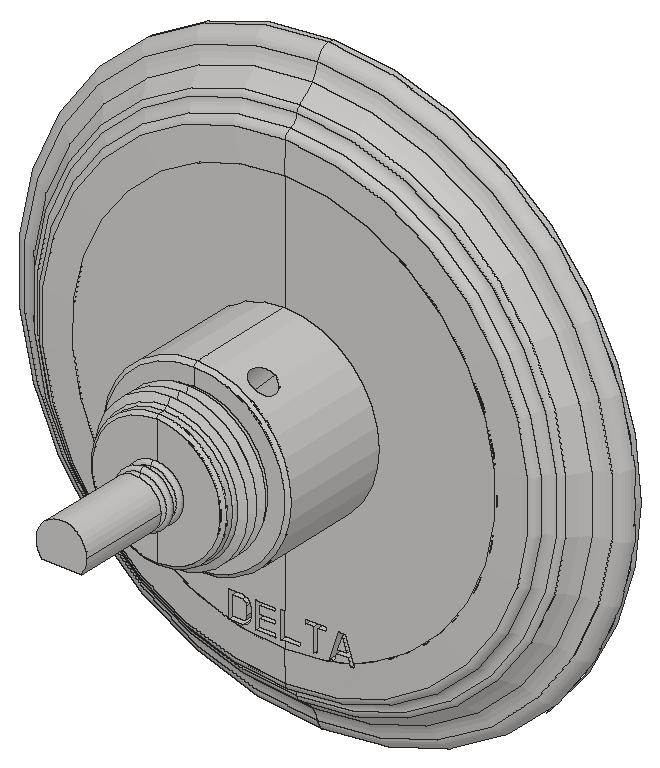
Revit family "Delta Bath Cassidy fgt11997-lhp", category Plumbing Fixtures, host Wall, Revit 2013
Parameters (values of type "Delta Bath Cassidy fgt11997-lhp")
  URL = "http://www.deltafaucet.com "
  Tap = Stainless Steel
  Model = "fgt11997-lhp"
  Manufacturer = "Delta"
  Depth = 0' - 3.97"
Reference planes (in)
  plane 1: y = 0
  plane 2 "Center (Left/Right)": x = 0
  plane 3 "Wall Edge": y = 3
  plane 4: y = -3
Forms (in)
  Revolve 1, solid, material "Stainless Steel" <- "Tap", not visible
    sketch origin (0, 1.623, -44.06116) x (0, 1, 0) y (0, 0, 1)
      loop
        arc (-3.893, 67.90598) -> (-3.90075, 67.92179) -> (-3.918, 67.92535) r 0.02
        arc (-3.918, 67.92535) -> (-3.93525, 67.92179) -> (-3.943, 67.90598) r 0.02
        line (-3.943, 67.90598) -> (-3.943, 67.87519)
        arc (-3.943, 67.87519) -> (-3.95341, 67.85712) -> (-3.973, 67.84998) r 0.03046
        line (-3.973, 67.84998) -> (-4.023, 67.84998)
        arc (-4.023, 67.84998) -> (-4.04259, 67.85712) -> (-4.053, 67.87519) r 0.03046
        line (-4.053, 67.87519) -> (-4.053, 67.90598)
        arc (-4.053, 67.90598) -> (-4.06075, 67.92179) -> (-4.078, 67.92535) r 0.02
        arc (-4.078, 67.92535) -> (-4.09525, 67.92179) -> (-4.103, 67.90598) r 0.02
        line (-4.103, 67.90598) -> (-4.103, 67.87519)
        arc (-4.103, 67.87519) -> (-4.11341, 67.85712) -> (-4.133, 67.84998) r 0.03046
        line (-4.133, 67.84998) -> (-4.183, 67.84998)
        arc (-4.183, 67.84998) -> (-4.20421, 67.85877) -> (-4.213, 67.87998) r 0.03
        line (-4.213, 67.87998) -> (-4.213, 67.92598) -> (-4.313, 67.92598)
        arc (-4.313, 67.92598) -> (-4.33421, 67.93477) -> (-4.343, 67.95598) r 0.03
        line (-4.343, 67.95598) -> (-4.343, 68.01798) -> (-4.423, 68.01798)
        arc (-4.423, 68.01798) -> (-4.43714, 68.01212) -> (-4.443, 67.99798) r 0.02
        line (-4.443, 67.99798) -> (-4.443, 67.77798)
        arc (-4.443, 67.77798) -> (-4.47229, 67.70727) -> (-4.543, 67.67798) r 0.1
        line (-4.543, 67.67798) -> (-4.623, 67.67798) -> (-4.623, 67.05798) -> (-3.893, 67.05798) -> (-3.893, 67.90598)
      axis (-4.623, 67.05798) -> (-3.893, 67.05798)
    angle from 0 to 360
  Revolve 2, solid, material "Stainless Steel" <- "Tap", not visible
    sketch origin (0, 1.623, -44.06116) x (0, 1, 0) y (0, 0, 1)
      loop
        line (-4.623, 67.05845) -> (-4.623, 69.33298) -> (-4.663, 69.33298)
        arc (-4.663, 69.33298) -> (-4.73052, 69.30815) -> (-4.76585, 69.24548) r 0.1042
        arc (-4.76585, 69.24548) -> (-4.78389, 69.18717) -> (-4.81726, 69.13606) r 0.22
        arc (-4.81726, 69.13606) -> (-4.87081, 69.08321) -> (-4.93159, 69.03886) r 0.5067
        arc (-4.93159, 69.03886) -> (-4.95029, 69.02011) -> (-4.95909, 68.99515) r 0.06
        arc (-4.95909, 68.99515) -> (-4.97568, 68.94598) -> (-5.02008, 68.91913) r 0.07551
        arc (-5.02008, 68.91913) -> (-5.05312, 68.90042) -> (-5.06831, 68.86563) r 0.06
        arc (-5.06831, 68.86563) -> (-5.07625, 68.74795) -> (-5.0789, 68.63003) r 2.62622
        line (-5.0789, 68.63003) -> (-5.0789, 67.05845) -> (-4.623, 67.05845)
      axis (-5.0789, 67.05845) -> (-4.623, 67.05845)
    angle from 0 to 360
  Revolve 3, solid, material "Stainless Steel" <- "Tap", not visible
    sketch origin (0, 1.623, -44.06116) x (0, 1, 0) y (0, 0, 1)
      loop
        line (-5.0789, 67.75798) -> (-5.88453, 67.75798) -> (-5.913, 67.72951) -> (-5.913, 67.0588) -> (-5.0789, 67.0588) -> (-5.0789, 67.75798)
      axis (-5.0789, 67.0588) -> (-5.913, 67.0588)
    angle from 0 to 360
  Revolve 4, solid, material "Stainless Steel" <- "Tap", not visible
    sketch origin (0, 1.623, -44.06116) x (0, 1, 0) y (0, 0, 1)
      loop
        arc (-5.913, 67.59904) -> (-5.91754, 67.58229) -> (-5.9299, 67.57011) r 0.0332
        line (-5.9299, 67.57011) -> (-5.96151, 67.62425) -> (-5.99322, 67.56998)
        arc (-5.99322, 67.56998) -> (-6.01151, 67.57336) -> (-6.02343, 67.58764) r 0.0274
        line (-6.02343, 67.58764) -> (-6.04481, 67.62425) -> (-6.07652, 67.56998)
        arc (-6.07652, 67.56998) -> (-6.09401, 67.575) -> (-6.10681, 67.58794) r 0.03596
        line (-6.10681, 67.58794) -> (-6.12773, 67.62415) -> (-6.15782, 67.57336)
        arc (-6.15782, 67.57336) -> (-6.17505, 67.56987) -> (-6.188, 67.55798) r 0.0328
        line (-6.188, 67.55798) -> (-6.238, 67.55798) -> (-6.263, 67.53297) -> (-6.263, 67.24248)
        arc (-6.263, 67.24248) -> (-6.28764, 67.26712) -> (-6.31228, 67.24248) r 0.02464
        arc (-6.31228, 67.24248) -> (-6.33507, 67.21969) -> (-6.35786, 67.24248) r 0.02279
        arc (-6.35786, 67.24248) -> (-6.3825, 67.26712) -> (-6.40714, 67.24248) r 0.02464
        arc (-6.40714, 67.24248) -> (-6.43338, 67.21624) -> (-6.45962, 67.24248) r 0.02624
        line (-6.45962, 67.24248) -> (-6.45962, 67.05798) -> (-5.913, 67.05798) -> (-5.913, 67.59904)
      axis (-6.45962, 67.05798) -> (-5.913, 67.05798)
    angle from 0 to 360
  Extrusion 5, solid, material "Stainless Steel" <- "Tap", not visible
    sketch origin (0, 4.623, -44.06116) x (1, 0, 0) y (0, 0, 1)
      loop
        circle (0, 67.05798) r 0.1875
    from 9.45962 to 10.14
  Extrusion 6, void, not visible
    sketch origin (0, 1.623, -44.06116) x (0, 1, 0) y (0, 0, 1)
      loop
        line (-7.14, 66.93998) -> (-7.14, 66.83558) -> (-6.82525, 66.83558) -> (-6.82525, 66.93998) -> (-7.14, 66.93998)
    from -0.17902 to 0.18171
  Sweep 7, void, not visible
    path origin (0, 1.623, -44.06116) x (0, 1, 0) y (0, 0, 1)
      loop
        line (-5.18159, 68.29027) -> (-4.81726, 68.29027)
    profile origin (0, -3.37643, 24.22911) x (0, 0, 1) y (1, 0, 0)
      loop
        line (-2.74747, -0.41038) -> (-2.54747, -0.41038) -> (-2.54747, -0.31038)
        arc (-2.54747, -0.31038) -> (-2.567, -0.26324) -> (-2.61414, -0.24371) r 0.06667
        line (-2.61414, -0.24371) -> (-2.6808, -0.24371)
        arc (-2.6808, -0.24371) -> (-2.72795, -0.26324) -> (-2.74747, -0.31038) r 0.06667
        line (-2.74747, -0.31038) -> (-2.74747, -0.41038)
      loop
        line (-2.74747, -0.21038) -> (-2.54747, -0.21038) -> (-2.54747, -0.06038) -> (-2.57872, -0.06038) -> (-2.57872, -0.17913) -> (-2.63185, -0.17913) -> (-2.63185, -0.06038) -> (-2.6631, -0.06038) -> (-2.6631, -0.17913) -> (-2.71622, -0.17913) -> (-2.71622, -0.06038) -> (-2.74747, -0.06038) -> (-2.74747, -0.21038)
      loop
        line (-2.74747, -0.02704) -> (-2.54747, -0.02704) -> (-2.54747, 0.00421) -> (-2.71622, 0.00421) -> (-2.71622, 0.12296) -> (-2.74747, 0.12296) -> (-2.74747, -0.02704)
      loop
        line (-2.54747, 0.15629) -> (-2.54747, 0.31462) -> (-2.57872, 0.31462) -> (-2.57872, 0.25108) -> (-2.74747, 0.25108) -> (-2.74747, 0.21983) -> (-2.57872, 0.21983) -> (-2.57872, 0.15629) -> (-2.54747, 0.15629)
      loop
        line (-2.69641, 0.47434) -> (-2.69641, 0.38823) -> (-2.74747, 0.37157) -> (-2.74747, 0.33869) -> (-2.54747, 0.40397) -> (-2.54747, 0.45861) -> (-2.74747, 0.52388) -> (-2.74747, 0.49101) -> (-2.69641, 0.47434)
      loop
        line (-2.56449, 0.43129) -> (-2.66516, 0.46415) -> (-2.66516, 0.39843) -> (-2.56449, 0.43129)
      loop
        line (-2.57872, -0.37913) -> (-2.57872, -0.31038)
        arc (-2.57872, -0.31038) -> (-2.58909, -0.28533) -> (-2.61414, -0.27496) r 0.03542
        line (-2.61414, -0.27496) -> (-2.6808, -0.27496)
        arc (-2.6808, -0.27496) -> (-2.70585, -0.28533) -> (-2.71622, -0.31038) r 0.03542
        line (-2.71622, -0.31038) -> (-2.71622, -0.37913) -> (-2.57872, -0.37913)
  Extrusion 8, void, not visible
    sketch origin (48.92701, 1.623, -23.42835) x (0, 1, 0) y (-0.72148, 0, 0.692435)
      loop
        circle (-5.71117, 67.61307) r 0.10137
    from 0 to 0.88195
  Extrusion 9, void, not visible
    sketch origin (0, 4.453, -49) x (1, 0, 0) y (0, 0, 1)
      loop
        line (0.07803, 73.16633) -> (0.02803, 73.16633) -> (0.02803, 72.96633) -> (0.07803, 72.96633) -> (0.07803, 73.16633)
      loop
        line (0.88373, 72.8326) -> (0.74231, 72.69118) -> (0.77766, 72.65582) -> (0.91908, 72.79724) -> (0.88373, 72.8326)
      loop
        line (-0.63626, 72.69118) -> (-0.77768, 72.8326) -> (-0.81303, 72.79724) -> (-0.67161, 72.65582) -> (-0.63626, 72.69118)
      loop
        line (1.25282, 71.99154) -> (1.05282, 71.99154) -> (1.05282, 71.94154) -> (1.25282, 71.94154) -> (1.25282, 71.99154)
      loop
        line (-0.94677, 71.99154) -> (-1.14677, 71.99154) -> (-1.14677, 71.94154) -> (-0.94677, 71.94154) -> (-0.94677, 71.99154)
      loop
        line (0.07803, 70.96675) -> (0.02803, 70.96675) -> (0.02803, 70.76675) -> (0.07803, 70.76675) -> (0.07803, 70.96675)
      loop
        line (0.74231, 71.2419) -> (0.88373, 71.10048) -> (0.91908, 71.13584) -> (0.77766, 71.27726) -> (0.74231, 71.2419)
      loop
        line (-0.77768, 71.10048) -> (-0.63626, 71.2419) -> (-0.67161, 71.27726) -> (-0.81303, 71.13584) -> (-0.77768, 71.10048)
    from 7.55313 to 8.12797
  Revolve 10, solid, material "Stainless Steel" <- "Tap", not visible
    sketch origin (0, 1.623, -44.06116) x (0, 1, 0) y (0, 0, 1)
      loop
        line (-3.17, 66.49898) -> (-3, 66.49898) -> (-3, 66.61298) -> (-3.17, 66.61298) -> (-3.17, 66.49898)
      axis (-3.17, 66.61298) -> (-3, 66.61298)
    angle from 0 to 360
  Revolve 11, solid, material "Stainless Steel" <- "Tap", not visible
    sketch origin (0, 1.623, -44.06116) x (0, 1, 0) y (0, 0, 1)
      loop
        line (-3.893, 67.69798) -> (-3.893, 67.05798) -> (-3.17, 67.05798) -> (-3.17, 67.69798) -> (-3.893, 67.69798)
      axis (-3.17, 67.05798) -> (-3.893, 67.05798)
    angle from 0 to 360
  Revolve 12, solid, material "Stainless Steel" <- "Tap", not visible
    sketch origin (0, 1.623, -44.06116) x (0, 1, 0) y (0, 0, 1)
      loop
        arc (-3.893, 67.90598) -> (-3.90075, 67.92179) -> (-3.918, 67.92535) r 0.02
        arc (-3.918, 67.92535) -> (-3.93525, 67.92179) -> (-3.943, 67.90598) r 0.02
        line (-3.943, 67.90598) -> (-3.943, 67.87519)
        arc (-3.943, 67.87519) -> (-3.95341, 67.85712) -> (-3.973, 67.84998) r 0.03046
        line (-3.973, 67.84998) -> (-4.023, 67.84998)
        arc (-4.023, 67.84998) -> (-4.04259, 67.85712) -> (-4.053, 67.87519) r 0.03046
        line (-4.053, 67.87519) -> (-4.053, 67.90598)
        arc (-4.053, 67.90598) -> (-4.06075, 67.92179) -> (-4.078, 67.92535) r 0.02
        arc (-4.078, 67.92535) -> (-4.09525, 67.92179) -> (-4.103, 67.90598) r 0.02
        line (-4.103, 67.90598) -> (-4.103, 67.87519)
        arc (-4.103, 67.87519) -> (-4.11341, 67.85712) -> (-4.133, 67.84998) r 0.03046
        line (-4.133, 67.84998) -> (-4.183, 67.84998)
        arc (-4.183, 67.84998) -> (-4.20421, 67.85877) -> (-4.213, 67.87998) r 0.03
        line (-4.213, 67.87998) -> (-4.213, 67.92598) -> (-4.313, 67.92598)
        arc (-4.313, 67.92598) -> (-4.33421, 67.93477) -> (-4.343, 67.95598) r 0.03
        line (-4.343, 67.95598) -> (-4.343, 68.01798) -> (-4.423, 68.01798)
        arc (-4.423, 68.01798) -> (-4.43714, 68.01212) -> (-4.443, 67.99798) r 0.02
        line (-4.443, 67.99798) -> (-4.443, 67.77798)
        arc (-4.443, 67.77798) -> (-4.47229, 67.70727) -> (-4.543, 67.67798) r 0.1
        line (-4.543, 67.67798) -> (-4.623, 67.67798) -> (-4.623, 67.05798) -> (-3.893, 67.05798) -> (-3.893, 67.90598)
      axis (-4.623, 67.05798) -> (-3.893, 67.05798)
    angle from 0 to 360
  Revolve 13, solid, material "Stainless Steel" <- "Tap", not visible
    sketch origin (0, 1.623, -44.06116) x (0, 1, 0) y (0, 0, 1)
      loop
        line (-4.623, 67.05845) -> (-4.623, 69.33298) -> (-4.663, 69.33298)
        arc (-4.663, 69.33298) -> (-4.73052, 69.30815) -> (-4.76585, 69.24548) r 0.1042
        arc (-4.76585, 69.24548) -> (-4.78389, 69.18717) -> (-4.81726, 69.13606) r 0.22
        arc (-4.81726, 69.13606) -> (-4.87081, 69.08321) -> (-4.93159, 69.03886) r 0.5067
        arc (-4.93159, 69.03886) -> (-4.95029, 69.02011) -> (-4.95909, 68.99515) r 0.06
        arc (-4.95909, 68.99515) -> (-4.97568, 68.94598) -> (-5.02008, 68.91913) r 0.07551
        arc (-5.02008, 68.91913) -> (-5.05312, 68.90042) -> (-5.06831, 68.86563) r 0.06
        arc (-5.06831, 68.86563) -> (-5.07625, 68.74795) -> (-5.0789, 68.63003) r 2.62622
        line (-5.0789, 68.63003) -> (-5.0789, 67.05845) -> (-4.623, 67.05845)
      axis (-5.0789, 67.05845) -> (-4.623, 67.05845)
    angle from 0 to 360
  Revolve 14, solid, material "Stainless Steel" <- "Tap", not visible
    sketch origin (0, 1.623, -44.06116) x (0, 1, 0) y (0, 0, 1)
      loop
        line (-5.0789, 67.75798) -> (-5.88453, 67.75798) -> (-5.913, 67.72951) -> (-5.913, 67.0588) -> (-5.0789, 67.0588) -> (-5.0789, 67.75798)
      axis (-5.0789, 67.0588) -> (-5.913, 67.0588)
    angle from 0 to 360
  Revolve 15, solid, material "Stainless Steel" <- "Tap", not visible
    sketch origin (0, 1.623, -44.06116) x (0, 1, 0) y (0, 0, 1)
      loop
        arc (-5.913, 67.59904) -> (-5.91754, 67.58229) -> (-5.9299, 67.57011) r 0.0332
        line (-5.9299, 67.57011) -> (-5.96151, 67.62425) -> (-5.99322, 67.56998)
        arc (-5.99322, 67.56998) -> (-6.01151, 67.57336) -> (-6.02343, 67.58764) r 0.0274
        line (-6.02343, 67.58764) -> (-6.04481, 67.62425) -> (-6.07652, 67.56998)
        arc (-6.07652, 67.56998) -> (-6.09401, 67.575) -> (-6.10681, 67.58794) r 0.03596
        line (-6.10681, 67.58794) -> (-6.12773, 67.62415) -> (-6.15782, 67.57336)
        arc (-6.15782, 67.57336) -> (-6.17505, 67.56987) -> (-6.188, 67.55798) r 0.0328
        line (-6.188, 67.55798) -> (-6.238, 67.55798) -> (-6.263, 67.53297) -> (-6.263, 67.24248)
        arc (-6.263, 67.24248) -> (-6.28764, 67.26712) -> (-6.31228, 67.24248) r 0.02464
        arc (-6.31228, 67.24248) -> (-6.33507, 67.21969) -> (-6.35786, 67.24248) r 0.02279
        arc (-6.35786, 67.24248) -> (-6.3825, 67.26712) -> (-6.40714, 67.24248) r 0.02464
        arc (-6.40714, 67.24248) -> (-6.43338, 67.21624) -> (-6.45962, 67.24248) r 0.02624
        line (-6.45962, 67.24248) -> (-6.45962, 67.05798) -> (-5.913, 67.05798) -> (-5.913, 67.59904)
      axis (-6.45962, 67.05798) -> (-5.913, 67.05798)
    angle from 0 to 360
  Extrusion 16, solid, material "Stainless Steel" <- "Tap", not visible
    sketch origin (0, 4.623, -44.06116) x (1, 0, 0) y (0, 0, 1)
      loop
        circle (0, 67.05798) r 0.1875
    from 9.45962 to 10.14
  Extrusion 17, void, not visible
    sketch origin (0, 1.623, -44.06116) x (0, 1, 0) y (0, 0, 1)
      loop
        line (-7.14, 66.93998) -> (-7.14, 66.83558) -> (-6.82525, 66.83558) -> (-6.82525, 66.93998) -> (-7.14, 66.93998)
    from -0.17902 to 0.18171
  Sweep 18, void, not visible
    path origin (0, 1.623, -44.06116) x (0, 1, 0) y (0, 0, 1)
      loop
        line (-5.18159, 68.29027) -> (-4.81726, 68.29027)
    profile origin (0, -3.37643, 24.22911) x (0, 0, 1) y (1, 0, 0)
      loop
        line (-2.74747, -0.41038) -> (-2.54747, -0.41038) -> (-2.54747, -0.31038)
        arc (-2.54747, -0.31038) -> (-2.567, -0.26324) -> (-2.61414, -0.24371) r 0.06667
        line (-2.61414, -0.24371) -> (-2.6808, -0.24371)
        arc (-2.6808, -0.24371) -> (-2.72795, -0.26324) -> (-2.74747, -0.31038) r 0.06667
        line (-2.74747, -0.31038) -> (-2.74747, -0.41038)
      loop
        line (-2.74747, -0.21038) -> (-2.54747, -0.21038) -> (-2.54747, -0.06038) -> (-2.57872, -0.06038) -> (-2.57872, -0.17913) -> (-2.63185, -0.17913) -> (-2.63185, -0.06038) -> (-2.6631, -0.06038) -> (-2.6631, -0.17913) -> (-2.71622, -0.17913) -> (-2.71622, -0.06038) -> (-2.74747, -0.06038) -> (-2.74747, -0.21038)
      loop
        line (-2.74747, -0.02704) -> (-2.54747, -0.02704) -> (-2.54747, 0.00421) -> (-2.71622, 0.00421) -> (-2.71622, 0.12296) -> (-2.74747, 0.12296) -> (-2.74747, -0.02704)
      loop
        line (-2.54747, 0.15629) -> (-2.54747, 0.31462) -> (-2.57872, 0.31462) -> (-2.57872, 0.25108) -> (-2.74747, 0.25108) -> (-2.74747, 0.21983) -> (-2.57872, 0.21983) -> (-2.57872, 0.15629) -> (-2.54747, 0.15629)
      loop
        line (-2.69641, 0.47434) -> (-2.69641, 0.38823) -> (-2.74747, 0.37157) -> (-2.74747, 0.33869) -> (-2.54747, 0.40397) -> (-2.54747, 0.45861) -> (-2.74747, 0.52388) -> (-2.74747, 0.49101) -> (-2.69641, 0.47434)
      loop
        line (-2.56449, 0.43129) -> (-2.66516, 0.46415) -> (-2.66516, 0.39843) -> (-2.56449, 0.43129)
      loop
        line (-2.57872, -0.37913) -> (-2.57872, -0.31038)
        arc (-2.57872, -0.31038) -> (-2.58909, -0.28533) -> (-2.61414, -0.27496) r 0.03542
        line (-2.61414, -0.27496) -> (-2.6808, -0.27496)
        arc (-2.6808, -0.27496) -> (-2.70585, -0.28533) -> (-2.71622, -0.31038) r 0.03542
        line (-2.71622, -0.31038) -> (-2.71622, -0.37913) -> (-2.57872, -0.37913)
  Extrusion 19, void, not visible
    sketch origin (48.92701, 1.623, -23.42835) x (0, 1, 0) y (-0.72148, 0, 0.692435)
      loop
        circle (-5.71117, 67.61307) r 0.10137
    from 0 to 0.88195
  Extrusion 20, void, not visible
    sketch origin (0, 4.453, -49) x (1, 0, 0) y (0, 0, 1)
      loop
        line (0.07803, 73.16633) -> (0.02803, 73.16633) -> (0.02803, 72.96633) -> (0.07803, 72.96633) -> (0.07803, 73.16633)
      loop
        line (0.88373, 72.8326) -> (0.74231, 72.69118) -> (0.77766, 72.65582) -> (0.91908, 72.79724) -> (0.88373, 72.8326)
      loop
        line (-0.63626, 72.69118) -> (-0.77768, 72.8326) -> (-0.81303, 72.79724) -> (-0.67161, 72.65582) -> (-0.63626, 72.69118)
      loop
        line (1.25282, 71.99154) -> (1.05282, 71.99154) -> (1.05282, 71.94154) -> (1.25282, 71.94154) -> (1.25282, 71.99154)
      loop
        line (-0.94677, 71.99154) -> (-1.14677, 71.99154) -> (-1.14677, 71.94154) -> (-0.94677, 71.94154) -> (-0.94677, 71.99154)
      loop
        line (0.07803, 70.96675) -> (0.02803, 70.96675) -> (0.02803, 70.76675) -> (0.07803, 70.76675) -> (0.07803, 70.96675)
      loop
        line (0.74231, 71.2419) -> (0.88373, 71.10048) -> (0.91908, 71.13584) -> (0.77766, 71.27726) -> (0.74231, 71.2419)
      loop
        line (-0.77768, 71.10048) -> (-0.63626, 71.2419) -> (-0.67161, 71.27726) -> (-0.81303, 71.13584) -> (-0.77768, 71.10048)
    from 7.55313 to 8.12797
  Revolve 21, solid, material "Stainless Steel" <- "Tap", not visible
    sketch origin (0, -1.127, -44.06116) x (0, 1, 0) y (0, 0, 1)
      loop
        line (-3.17, 66.49898) -> (-3, 66.49898) -> (-3, 66.61298) -> (-3.17, 66.61298) -> (-3.17, 66.49898)
      axis (-3.17, 66.61298) -> (-3, 66.61298)
    angle from 0 to 360
  Revolve 22, solid, material "Stainless Steel" <- "Tap", not visible
    sketch origin (0, -1.127, -44.06116) x (0, 1, 0) y (0, 0, 1)
      loop
        line (-3.893, 67.69798) -> (-3.893, 67.05798) -> (-3.17, 67.05798) -> (-3.17, 67.69798) -> (-3.893, 67.69798)
      axis (-3.17, 67.05798) -> (-3.893, 67.05798)
    angle from 0 to 360
  Revolve 23, solid, material "Stainless Steel" <- "Tap", not visible
    sketch origin (0, -1.127, -44.06116) x (0, 1, 0) y (0, 0, 1)
      loop
        arc (-3.893, 67.90598) -> (-3.90075, 67.92179) -> (-3.918, 67.92535) r 0.02
        arc (-3.918, 67.92535) -> (-3.93525, 67.92179) -> (-3.943, 67.90598) r 0.02
        line (-3.943, 67.90598) -> (-3.943, 67.87519)
        arc (-3.943, 67.87519) -> (-3.95341, 67.85712) -> (-3.973, 67.84998) r 0.03046
        line (-3.973, 67.84998) -> (-4.023, 67.84998)
        arc (-4.023, 67.84998) -> (-4.04259, 67.85712) -> (-4.053, 67.87519) r 0.03046
        line (-4.053, 67.87519) -> (-4.053, 67.90598)
        arc (-4.053, 67.90598) -> (-4.06075, 67.92179) -> (-4.078, 67.92535) r 0.02
        arc (-4.078, 67.92535) -> (-4.09525, 67.92179) -> (-4.103, 67.90598) r 0.02
        line (-4.103, 67.90598) -> (-4.103, 67.87519)
        arc (-4.103, 67.87519) -> (-4.11341, 67.85712) -> (-4.133, 67.84998) r 0.03046
        line (-4.133, 67.84998) -> (-4.183, 67.84998)
        arc (-4.183, 67.84998) -> (-4.20421, 67.85877) -> (-4.213, 67.87998) r 0.03
        line (-4.213, 67.87998) -> (-4.213, 67.92598) -> (-4.313, 67.92598)
        arc (-4.313, 67.92598) -> (-4.33421, 67.93477) -> (-4.343, 67.95598) r 0.03
        line (-4.343, 67.95598) -> (-4.343, 68.01798) -> (-4.423, 68.01798)
        arc (-4.423, 68.01798) -> (-4.43714, 68.01212) -> (-4.443, 67.99798) r 0.02
        line (-4.443, 67.99798) -> (-4.443, 67.77798)
        arc (-4.443, 67.77798) -> (-4.47229, 67.70727) -> (-4.543, 67.67798) r 0.1
        line (-4.543, 67.67798) -> (-4.623, 67.67798) -> (-4.623, 67.05798) -> (-3.893, 67.05798) -> (-3.893, 67.90598)
      axis (-4.623, 67.05798) -> (-3.893, 67.05798)
    angle from 0 to 360
  Revolve 24, solid, material "Stainless Steel" <- "Tap", not visible
    sketch origin (0, -1.127, -44.06116) x (0, 1, 0) y (0, 0, 1)
      loop
        line (-4.623, 67.05845) -> (-4.623, 69.33298) -> (-4.663, 69.33298)
        arc (-4.663, 69.33298) -> (-4.73052, 69.30815) -> (-4.76585, 69.24548) r 0.1042
        arc (-4.76585, 69.24548) -> (-4.78389, 69.18717) -> (-4.81726, 69.13606) r 0.22
        arc (-4.81726, 69.13606) -> (-4.87081, 69.08321) -> (-4.93159, 69.03886) r 0.5067
        arc (-4.93159, 69.03886) -> (-4.95029, 69.02011) -> (-4.95909, 68.99515) r 0.06
        arc (-4.95909, 68.99515) -> (-4.97568, 68.94598) -> (-5.02008, 68.91913) r 0.07551
        arc (-5.02008, 68.91913) -> (-5.05312, 68.90042) -> (-5.06831, 68.86563) r 0.06
        arc (-5.06831, 68.86563) -> (-5.07625, 68.74795) -> (-5.0789, 68.63003) r 2.62622
        line (-5.0789, 68.63003) -> (-5.0789, 67.05845) -> (-4.623, 67.05845)
      axis (-5.0789, 67.05845) -> (-4.623, 67.05845)
    angle from 0 to 360
  Revolve 25, solid, material "Stainless Steel" <- "Tap", not visible
    sketch origin (0, -1.127, -44.06116) x (0, 1, 0) y (0, 0, 1)
      loop
        line (-5.0789, 67.75798) -> (-5.88453, 67.75798) -> (-5.913, 67.72951) -> (-5.913, 67.0588) -> (-5.0789, 67.0588) -> (-5.0789, 67.75798)
      axis (-5.0789, 67.0588) -> (-5.913, 67.0588)
    angle from 0 to 360
  Revolve 26, solid, material "Stainless Steel" <- "Tap", not visible
    sketch origin (0, -1.127, -44.06116) x (0, 1, 0) y (0, 0, 1)
      loop
        arc (-5.913, 67.59904) -> (-5.91754, 67.58229) -> (-5.9299, 67.57011) r 0.0332
        line (-5.9299, 67.57011) -> (-5.96151, 67.62425) -> (-5.99322, 67.56998)
        arc (-5.99322, 67.56998) -> (-6.01151, 67.57336) -> (-6.02343, 67.58764) r 0.0274
        line (-6.02343, 67.58764) -> (-6.04481, 67.62425) -> (-6.07652, 67.56998)
        arc (-6.07652, 67.56998) -> (-6.09401, 67.575) -> (-6.10681, 67.58794) r 0.03596
        line (-6.10681, 67.58794) -> (-6.12773, 67.62415) -> (-6.15782, 67.57336)
        arc (-6.15782, 67.57336) -> (-6.17505, 67.56987) -> (-6.188, 67.55798) r 0.0328
        line (-6.188, 67.55798) -> (-6.238, 67.55798) -> (-6.263, 67.53297) -> (-6.263, 67.24248)
        arc (-6.263, 67.24248) -> (-6.28764, 67.26712) -> (-6.31228, 67.24248) r 0.02464
        arc (-6.31228, 67.24248) -> (-6.33507, 67.21969) -> (-6.35786, 67.24248) r 0.02279
        arc (-6.35786, 67.24248) -> (-6.3825, 67.26712) -> (-6.40714, 67.24248) r 0.02464
        arc (-6.40714, 67.24248) -> (-6.43338, 67.21624) -> (-6.45962, 67.24248) r 0.02624
        line (-6.45962, 67.24248) -> (-6.45962, 67.05798) -> (-5.913, 67.05798) -> (-5.913, 67.59904)
      axis (-6.45962, 67.05798) -> (-5.913, 67.05798)
    angle from 0 to 360
  Extrusion 27, solid, material "Stainless Steel" <- "Tap", not visible
    sketch origin (0, 1.873, -44.06116) x (1, 0, 0) y (0, 0, 1)
      loop
        circle (0, 67.05798) r 0.1875
    from 9.45962 to 10.14
  Extrusion 28, void, not visible
    sketch origin (0, -1.127, -44.06116) x (0, 1, 0) y (0, 0, 1)
      loop
        line (-7.14, 66.93998) -> (-7.14, 66.83558) -> (-6.82525, 66.83558) -> (-6.82525, 66.93998) -> (-7.14, 66.93998)
    from -0.17902 to 0.18171
  Sweep 29, void, not visible
    path origin (0, -1.127, -44.06116) x (0, 1, 0) y (0, 0, 1)
      loop
        line (-5.18159, 68.29027) -> (-4.81726, 68.29027)
    profile origin (0, -6.12643, 24.22911) x (0, 0, 1) y (1, 0, 0)
      loop
        line (-2.74747, -0.41038) -> (-2.54747, -0.41038) -> (-2.54747, -0.31038)
        arc (-2.54747, -0.31038) -> (-2.567, -0.26324) -> (-2.61414, -0.24371) r 0.06667
        line (-2.61414, -0.24371) -> (-2.6808, -0.24371)
        arc (-2.6808, -0.24371) -> (-2.72795, -0.26324) -> (-2.74747, -0.31038) r 0.06667
        line (-2.74747, -0.31038) -> (-2.74747, -0.41038)
      loop
        line (-2.74747, -0.21038) -> (-2.54747, -0.21038) -> (-2.54747, -0.06038) -> (-2.57872, -0.06038) -> (-2.57872, -0.17913) -> (-2.63185, -0.17913) -> (-2.63185, -0.06038) -> (-2.6631, -0.06038) -> (-2.6631, -0.17913) -> (-2.71622, -0.17913) -> (-2.71622, -0.06038) -> (-2.74747, -0.06038) -> (-2.74747, -0.21038)
      loop
        line (-2.74747, -0.02704) -> (-2.54747, -0.02704) -> (-2.54747, 0.00421) -> (-2.71622, 0.00421) -> (-2.71622, 0.12296) -> (-2.74747, 0.12296) -> (-2.74747, -0.02704)
      loop
        line (-2.54747, 0.15629) -> (-2.54747, 0.31462) -> (-2.57872, 0.31462) -> (-2.57872, 0.25108) -> (-2.74747, 0.25108) -> (-2.74747, 0.21983) -> (-2.57872, 0.21983) -> (-2.57872, 0.15629) -> (-2.54747, 0.15629)
      loop
        line (-2.69641, 0.47434) -> (-2.69641, 0.38823) -> (-2.74747, 0.37157) -> (-2.74747, 0.33869) -> (-2.54747, 0.40397) -> (-2.54747, 0.45861) -> (-2.74747, 0.52388) -> (-2.74747, 0.49101) -> (-2.69641, 0.47434)
      loop
        line (-2.56449, 0.43129) -> (-2.66516, 0.46415) -> (-2.66516, 0.39843) -> (-2.56449, 0.43129)
      loop
        line (-2.57872, -0.37913) -> (-2.57872, -0.31038)
        arc (-2.57872, -0.31038) -> (-2.58909, -0.28533) -> (-2.61414, -0.27496) r 0.03542
        line (-2.61414, -0.27496) -> (-2.6808, -0.27496)
        arc (-2.6808, -0.27496) -> (-2.70585, -0.28533) -> (-2.71622, -0.31038) r 0.03542
        line (-2.71622, -0.31038) -> (-2.71622, -0.37913) -> (-2.57872, -0.37913)
  Extrusion 30, void, not visible
    sketch origin (48.92701, -1.127, -23.42835) x (0, 1, 0) y (-0.72148, 0, 0.692435)
      loop
        circle (-5.71117, 67.61307) r 0.10137
    from 0 to 0.88195
  Extrusion 31, void, not visible
    sketch origin (0, 1.703, -49) x (1, 0, 0) y (0, 0, 1)
      loop
        line (0.07803, 73.16633) -> (0.02803, 73.16633) -> (0.02803, 72.96633) -> (0.07803, 72.96633) -> (0.07803, 73.16633)
      loop
        line (0.88373, 72.8326) -> (0.74231, 72.69118) -> (0.77766, 72.65582) -> (0.91908, 72.79724) -> (0.88373, 72.8326)
      loop
        line (-0.63626, 72.69118) -> (-0.77768, 72.8326) -> (-0.81303, 72.79724) -> (-0.67161, 72.65582) -> (-0.63626, 72.69118)
      loop
        line (1.25282, 71.99154) -> (1.05282, 71.99154) -> (1.05282, 71.94154) -> (1.25282, 71.94154) -> (1.25282, 71.99154)
      loop
        line (-0.94677, 71.99154) -> (-1.14677, 71.99154) -> (-1.14677, 71.94154) -> (-0.94677, 71.94154) -> (-0.94677, 71.99154)
      loop
        line (0.07803, 70.96675) -> (0.02803, 70.96675) -> (0.02803, 70.76675) -> (0.07803, 70.76675) -> (0.07803, 70.96675)
      loop
        line (0.74231, 71.2419) -> (0.88373, 71.10048) -> (0.91908, 71.13584) -> (0.77766, 71.27726) -> (0.74231, 71.2419)
      loop
        line (-0.77768, 71.10048) -> (-0.63626, 71.2419) -> (-0.67161, 71.27726) -> (-0.81303, 71.13584) -> (-0.77768, 71.10048)
    from 7.55313 to 8.12797
Text (in)
  text "Placement Side" at (0, 40.15149, 123.01588), in view "Right"
  text "Placement Side" at (-70.3804, 28.46503, 0), in view "Ref. Level"
  text "Placement Side" at (0, 81.62555, 140.59947), in view "Left"
Dimensions and locks (in)
  locked: plane 3 "Wall Edge" to host wall
  aligned and locked: plane 4 to host wall
  aligned and locked: plane 4 to nested 1
Nested families (in)
  nested 1: "Family15" at (-0.08957, -3.782, 0), type "Family15"
Definition of nested family "Family15"
  Parameters (values of type "Family15")
    Tap = Stainless Steel
  Reference planes (in)
    plane 1 "Center (Front/Back)": y = 0
    plane 2: z = 0
    plane 3 "Center (Left/Right)": x = 0
  Forms (in)
    Revolve 1, solid, material "Stainless Steel" <- "Tap"
      sketch origin (0.08957, 5.405, -44.06116) x (0, 1, 0) y (0, 0, 1)
        loop
          line (-3.17, 66.49898) -> (-3, 66.49898) -> (-3, 66.61298) -> (-3.17, 66.61298) -> (-3.17, 66.49898)
        axis (-3.17, 66.61298) -> (-3, 66.61298)
      angle from 0 to 360
    Revolve 2, solid, material "Stainless Steel" <- "Tap"
      sketch origin (0.08957, 5.405, -44.06116) x (0, 1, 0) y (0, 0, 1)
        loop
          line (-3.893, 67.69798) -> (-3.893, 67.05798) -> (-3.17, 67.05798) -> (-3.17, 67.69798) -> (-3.893, 67.69798)
        axis (-3.17, 67.05798) -> (-3.893, 67.05798)
      angle from 0 to 360
    Revolve 3, solid, material "Stainless Steel" <- "Tap"
      sketch origin (0.08957, 5.405, -44.06116) x (0, 1, 0) y (0, 0, 1)
        loop
          arc (-3.893, 67.90598) -> (-3.90075, 67.92179) -> (-3.918, 67.92535) r 0.02
          arc (-3.918, 67.92535) -> (-3.93525, 67.92179) -> (-3.943, 67.90598) r 0.02
          line (-3.943, 67.90598) -> (-3.943, 67.87519)
          arc (-3.943, 67.87519) -> (-3.95341, 67.85712) -> (-3.973, 67.84998) r 0.03046
          line (-3.973, 67.84998) -> (-4.023, 67.84998)
          arc (-4.023, 67.84998) -> (-4.04259, 67.85712) -> (-4.053, 67.87519) r 0.03046
          line (-4.053, 67.87519) -> (-4.053, 67.90598)
          arc (-4.053, 67.90598) -> (-4.06075, 67.92179) -> (-4.078, 67.92535) r 0.02
          arc (-4.078, 67.92535) -> (-4.09525, 67.92179) -> (-4.103, 67.90598) r 0.02
          line (-4.103, 67.90598) -> (-4.103, 67.87519)
          arc (-4.103, 67.87519) -> (-4.11341, 67.85712) -> (-4.133, 67.84998) r 0.03046
          line (-4.133, 67.84998) -> (-4.183, 67.84998)
          arc (-4.183, 67.84998) -> (-4.20421, 67.85877) -> (-4.213, 67.87998) r 0.03
          line (-4.213, 67.87998) -> (-4.213, 67.92598) -> (-4.313, 67.92598)
          arc (-4.313, 67.92598) -> (-4.33421, 67.93477) -> (-4.343, 67.95598) r 0.03
          line (-4.343, 67.95598) -> (-4.343, 68.01798) -> (-4.423, 68.01798)
          arc (-4.423, 68.01798) -> (-4.43714, 68.01212) -> (-4.443, 67.99798) r 0.02
          line (-4.443, 67.99798) -> (-4.443, 67.77798)
          arc (-4.443, 67.77798) -> (-4.47229, 67.70727) -> (-4.543, 67.67798) r 0.1
          line (-4.543, 67.67798) -> (-4.623, 67.67798) -> (-4.623, 67.05798) -> (-3.893, 67.05798) -> (-3.893, 67.90598)
        axis (-4.623, 67.05798) -> (-3.893, 67.05798)
      angle from 0 to 360
    Revolve 4, solid, material "Stainless Steel" <- "Tap"
      sketch origin (0.08957, 5.405, -44.06116) x (0, 1, 0) y (0, 0, 1)
        loop
          line (-4.623, 67.05845) -> (-4.623, 69.33298) -> (-4.663, 69.33298)
          arc (-4.663, 69.33298) -> (-4.73052, 69.30815) -> (-4.76585, 69.24548) r 0.1042
          arc (-4.76585, 69.24548) -> (-4.78389, 69.18717) -> (-4.81726, 69.13606) r 0.22
          arc (-4.81726, 69.13606) -> (-4.87081, 69.08321) -> (-4.93159, 69.03886) r 0.5067
          arc (-4.93159, 69.03886) -> (-4.95029, 69.02011) -> (-4.95909, 68.99515) r 0.06
          arc (-4.95909, 68.99515) -> (-4.97568, 68.94598) -> (-5.02008, 68.91913) r 0.07551
          arc (-5.02008, 68.91913) -> (-5.05312, 68.90042) -> (-5.06831, 68.86563) r 0.06
          arc (-5.06831, 68.86563) -> (-5.07625, 68.74795) -> (-5.0789, 68.63003) r 2.62622
          line (-5.0789, 68.63003) -> (-5.0789, 67.05845) -> (-4.623, 67.05845)
        axis (-5.0789, 67.05845) -> (-4.623, 67.05845)
      angle from 0 to 360
    Revolve 5, solid, material "Stainless Steel" <- "Tap"
      sketch origin (0.08957, 5.405, -44.06116) x (0, 1, 0) y (0, 0, 1)
        loop
          line (-5.0789, 67.75798) -> (-5.88453, 67.75798) -> (-5.913, 67.72951) -> (-5.913, 67.0588) -> (-5.0789, 67.0588) -> (-5.0789, 67.75798)
        axis (-5.0789, 67.0588) -> (-5.913, 67.0588)
      angle from 0 to 360
    Revolve 6, solid, material "Stainless Steel" <- "Tap"
      sketch origin (0.08957, 5.405, -44.06116) x (0, 1, 0) y (0, 0, 1)
        loop
          arc (-5.913, 67.59904) -> (-5.91754, 67.58229) -> (-5.9299, 67.57011) r 0.0332
          line (-5.9299, 67.57011) -> (-5.96151, 67.62425) -> (-5.99322, 67.56998)
          arc (-5.99322, 67.56998) -> (-6.01151, 67.57336) -> (-6.02343, 67.58764) r 0.0274
          line (-6.02343, 67.58764) -> (-6.04481, 67.62425) -> (-6.07652, 67.56998)
          arc (-6.07652, 67.56998) -> (-6.09401, 67.575) -> (-6.10681, 67.58794) r 0.03596
          line (-6.10681, 67.58794) -> (-6.12773, 67.62415) -> (-6.15782, 67.57336)
          arc (-6.15782, 67.57336) -> (-6.17505, 67.56987) -> (-6.188, 67.55798) r 0.0328
          line (-6.188, 67.55798) -> (-6.238, 67.55798) -> (-6.263, 67.53297) -> (-6.263, 67.24248)
          arc (-6.263, 67.24248) -> (-6.28764, 67.26712) -> (-6.31228, 67.24248) r 0.02464
          arc (-6.31228, 67.24248) -> (-6.33507, 67.21969) -> (-6.35786, 67.24248) r 0.02279
          arc (-6.35786, 67.24248) -> (-6.3825, 67.26712) -> (-6.40714, 67.24248) r 0.02464
          arc (-6.40714, 67.24248) -> (-6.43338, 67.21624) -> (-6.45962, 67.24248) r 0.02624
          line (-6.45962, 67.24248) -> (-6.45962, 67.05798) -> (-5.913, 67.05798) -> (-5.913, 67.59904)
        axis (-6.45962, 67.05798) -> (-5.913, 67.05798)
      angle from 0 to 360
    Extrusion 7, solid, material "Stainless Steel" <- "Tap"
      sketch origin (0.08957, 8.405, -44.06116) x (1, 0, 0) y (0, 0, 1)
        loop
          circle (0, 67.05798) r 0.1875
      from 9.45962 to 10.14
    Extrusion 8, void
      sketch origin (0.08957, 5.405, -44.06116) x (0, 1, 0) y (0, 0, 1)
        loop
          line (-7.14, 66.93998) -> (-7.14, 66.83558) -> (-6.82525, 66.83558) -> (-6.82525, 66.93998) -> (-7.14, 66.93998)
      from -0.17902 to 0.18171
    Sweep 9, void
      path origin (0.08957, 5.405, -44.06116) x (0, 1, 0) y (0, 0, 1)
        loop
          line (-5.18159, 68.29027) -> (-4.81726, 68.29027)
      profile origin (0.08957, 0.40557, 24.22911) x (0, 0, 1) y (1, 0, 0)
        loop
          line (-2.74747, -0.41038) -> (-2.54747, -0.41038) -> (-2.54747, -0.31038)
          arc (-2.54747, -0.31038) -> (-2.567, -0.26324) -> (-2.61414, -0.24371) r 0.06667
          line (-2.61414, -0.24371) -> (-2.6808, -0.24371)
          arc (-2.6808, -0.24371) -> (-2.72795, -0.26324) -> (-2.74747, -0.31038) r 0.06667
          line (-2.74747, -0.31038) -> (-2.74747, -0.41038)
        loop
          line (-2.74747, -0.21038) -> (-2.54747, -0.21038) -> (-2.54747, -0.06038) -> (-2.57872, -0.06038) -> (-2.57872, -0.17913) -> (-2.63185, -0.17913) -> (-2.63185, -0.06038) -> (-2.6631, -0.06038) -> (-2.6631, -0.17913) -> (-2.71622, -0.17913) -> (-2.71622, -0.06038) -> (-2.74747, -0.06038) -> (-2.74747, -0.21038)
        loop
          line (-2.74747, -0.02704) -> (-2.54747, -0.02704) -> (-2.54747, 0.00421) -> (-2.71622, 0.00421) -> (-2.71622, 0.12296) -> (-2.74747, 0.12296) -> (-2.74747, -0.02704)
        loop
          line (-2.54747, 0.15629) -> (-2.54747, 0.31462) -> (-2.57872, 0.31462) -> (-2.57872, 0.25108) -> (-2.74747, 0.25108) -> (-2.74747, 0.21983) -> (-2.57872, 0.21983) -> (-2.57872, 0.15629) -> (-2.54747, 0.15629)
        loop
          line (-2.69641, 0.47434) -> (-2.69641, 0.38823) -> (-2.74747, 0.37157) -> (-2.74747, 0.33869) -> (-2.54747, 0.40397) -> (-2.54747, 0.45861) -> (-2.74747, 0.52388) -> (-2.74747, 0.49101) -> (-2.69641, 0.47434)
        loop
          line (-2.56449, 0.43129) -> (-2.66516, 0.46415) -> (-2.66516, 0.39843) -> (-2.56449, 0.43129)
        loop
          line (-2.57872, -0.37913) -> (-2.57872, -0.31038)
          arc (-2.57872, -0.31038) -> (-2.58909, -0.28533) -> (-2.61414, -0.27496) r 0.03542
          line (-2.61414, -0.27496) -> (-2.6808, -0.27496)
          arc (-2.6808, -0.27496) -> (-2.70585, -0.28533) -> (-2.71622, -0.31038) r 0.03542
          line (-2.71622, -0.31038) -> (-2.71622, -0.37913) -> (-2.57872, -0.37913)
    Extrusion 10, void
      sketch origin (49.01658, 5.405, -23.42835) x (0, 1, 0) y (-0.72148, 0, 0.692435)
        loop
          circle (-5.71117, 67.61307) r 0.10137
      from 0 to 0.88195
    Extrusion 11, void
      sketch origin (0.08957, 8.235, -49) x (1, 0, 0) y (0, 0, 1)
        loop
          line (0.07803, 73.16633) -> (0.02803, 73.16633) -> (0.02803, 72.96633) -> (0.07803, 72.96633) -> (0.07803, 73.16633)
        loop
          line (0.88373, 72.8326) -> (0.74231, 72.69118) -> (0.77766, 72.65582) -> (0.91908, 72.79724) -> (0.88373, 72.8326)
        loop
          line (-0.63626, 72.69118) -> (-0.77768, 72.8326) -> (-0.81303, 72.79724) -> (-0.67161, 72.65582) -> (-0.63626, 72.69118)
        loop
          line (1.25282, 71.99154) -> (1.05282, 71.99154) -> (1.05282, 71.94154) -> (1.25282, 71.94154) -> (1.25282, 71.99154)
        loop
          line (-0.94677, 71.99154) -> (-1.14677, 71.99154) -> (-1.14677, 71.94154) -> (-0.94677, 71.94154) -> (-0.94677, 71.99154)
        loop
          line (0.07803, 70.96675) -> (0.02803, 70.96675) -> (0.02803, 70.76675) -> (0.07803, 70.76675) -> (0.07803, 70.96675)
        loop
          line (0.74231, 71.2419) -> (0.88373, 71.10048) -> (0.91908, 71.13584) -> (0.77766, 71.27726) -> (0.74231, 71.2419)
        loop
          line (-0.77768, 71.10048) -> (-0.63626, 71.2419) -> (-0.67161, 71.27726) -> (-0.81303, 71.13584) -> (-0.77768, 71.10048)
      from 7.55313 to 8.12797
  Cuts and joins
    Extrusion 8 cuts Extrusion 7
    Sweep 9 cuts Revolve 4
    Extrusion 10 cuts Revolve 5
  Dimensions and locks (in)
    aligned and locked: plane 2 to level
    aligned and locked: Extrusion 7 to Revolve 6
    aligned and locked: Extrusion 8 to Extrusion 7
